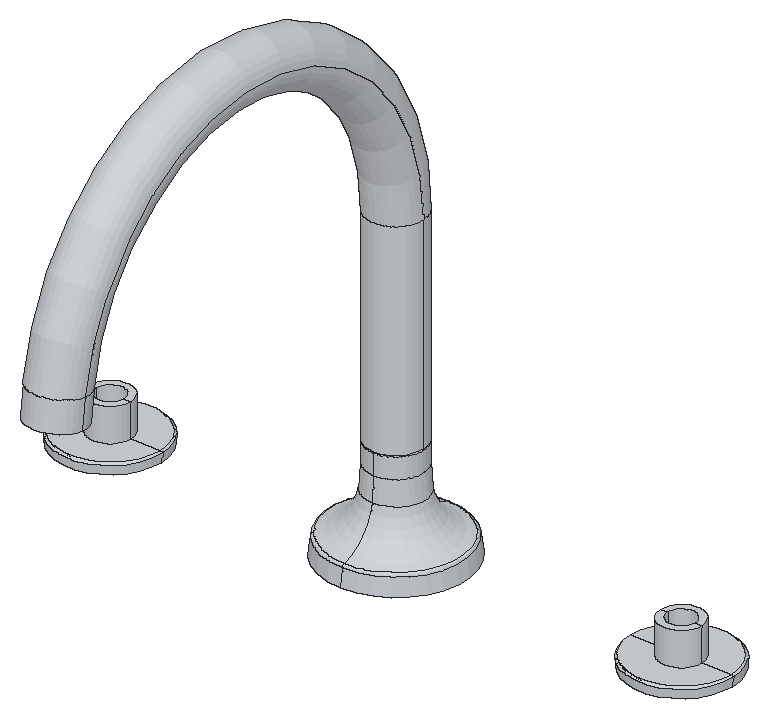
Revit family "Lixil-Grohe-Listra-3_hole_DM_Tub_Filler-106261_0 new", category Plumbing Fixtures, host Face, Revit 2023
Family settings
  Host = Face
  Round Connector Dimension = Use Diameter
  Part Type = Normal
  OmniClass Number = 23.45.55.17
  OmniClass Title = Mixing Faucets
  Enable Cutting in Views = Yes
  Cut with Voids When Loaded = No
  Maintain Annotation Orientation = No
  Shared = No
  Room Calculation Point = No
Parameters (values of type "Listra 3-hole DM Tub Filler")
  Handle Distance [instance] = 11 7/8"
  Depth = 10 13/16"  # constant formula
  Width = 14 3/64"  # constant formula
  Waste Connection = 1 = 0  # no
  Warranty URL = "https://www.grohe.us/support/warranty"
  Version = "2023 - v1.0a"  # constant formula
  Vent Connection = 1 = 0  # no
  URL = "https://www.grohe.us"
  Support Phone = "224-699-9545"  # constant formula
  Support Email = "mailto:support@bimsmith.com"
  Product Page URL = "https://www.grohe.us"
  Product Name = "Listra 3-hole DM Tub Filler"  # constant formula
  Product Documentation Link = "https://www.grohe.us"
  Model = "106261_0"
  Manufacturer Phone Number = "630-872-5570"  # constant formula
  Manufacturer Email = "https://www.grohe.us"
  Manufacturer Address = "https://www.grohe.us"
  Manufacturer = "LIXIL"  # constant formula
  Keynote = "22 40 00"
  Height = 11 7/16"  # constant formula
  HW Connection = 1 = 1  # yes
  Finish = Metal - Grohe - Chrome
  Description = "3-hole DM Tub Filler"  # constant formula
  Default Elevation = 0"  # constant formula
  Copyright = "©LIXIL® | All Rights Reserved"  # constant formula
  Collection = "Listra"  # constant formula
  CW Connection = 1 = 1  # yes
  Brand = "Grohe"  # constant formula
  Assembly Code = "D2010400"
Reference planes (in)
  plane 1 "Center (Front/Back)": y = 0
  plane 2: z = 0
  plane 3 "Center (Left/Right)": x = 0
  plane 4: x = -5.9375
  plane 5: x = 5.9375
Dimensions and locks (in)
  "Handle Distance": plane 5 to plane 4
  equal spacing: plane 5, plane 3 "Center (Left/Right)", plane 4
  aligned and locked: plane 2 to host face
  aligned and locked: level to host face
  aligned and locked: plane 3 "Center (Left/Right)" to nested 1
  aligned and locked: plane 1 "Center (Front/Back)" to nested 1
  aligned and locked: plane 1 "Center (Front/Back)" to nested 2
  aligned and locked: nested 2 to plane 5
  aligned and locked: plane 4 to nested 3
  aligned and locked: plane 1 "Center (Front/Back)" to nested 3
Automatic sketch dimensions
  host sketch curve to host sketch curve = 96"
  host sketch curve to host sketch curve = 50.78981"
Nested families (in)
  nested 1: "Faucet-106261_0" at (0, 0, 0), type "Faucet-106261_0"
    with Handle Distance 11 7/8", Drain yes
  nested 2: "Handle-106261_0" at (5.9375, 0, 0), type "Handle-106261_0"
    with Handle Distance 11 7/8", Drain yes
  nested 3: "Handle-106261_0" at (-5.9375, 0, 0), type "Handle-106261_0"
    with Handle Distance 11 7/8", Drain yes
Connectors (in)
  piping at (0, 0, 0), diameter 0.125
    settings: index 1, connector inside diameter 24", connector length 0", flow factor 0, pipe flow 0 GPM, pressure drop 0.00 psi, fitting loss kfactor 0, connector angle 0.00°, fixture units 0, engagement length 0", angle of deflection 0.00°, flow configuration 0, flow direction 0, fitting loss method 0, system type 7, joint type 0, gender type 0, connector reference index -1, connector utility 0, adjustable connector no, is connector primary yes, connector description ""
Definition of nested family "Faucet-106261_0"
  Parameters (values of type "Listra 3-hole DM Tub Filler")
    Handle Distance [instance] = 11 7/8"
    Depth = 10 13/16"  # constant formula
    Width = 14 3/64"  # constant formula
    Waste Connection = 1 = 0  # no
    Warranty URL = "https://www.grohe.us/support/warranty"
    Version = "2023 - v1.0a"  # constant formula
    Vent Connection = 1 = 0  # no
    URL = "https://www.grohe.us"
    Support Phone = "224-699-9545"  # constant formula
    Support Email = "mailto:support@bimsmith.com"
    Product Page URL = "https://www.grohe.us"
    Product Name = "Listra 3-hole DM Tub Filler"  # constant formula
    Product Documentation Link = "https://www.grohe.us"
    Model = "106261_0"
    Manufacturer Phone Number = "630-872-5570"  # constant formula
    Manufacturer Email = "https://www.grohe.us"
    Manufacturer Address = "https://www.grohe.us"
    Manufacturer = "LIXIL"  # constant formula
    Keynote = "22 40 00"
    Height = 11 7/16"  # constant formula
    HW Connection = 1 = 1  # yes
    Finish = none
    Drain [instance] = yes
    Description = "3-hole DM Tub Filler"  # constant formula
    Default Elevation = 0"  # constant formula
    Copyright = "©LIXIL® | All Rights Reserved"  # constant formula
    Collection = "Listra"  # constant formula
    CW Connection = 1 = 1  # yes
    Brand = "Grohe"  # constant formula
    Assembly Code = "D2010400"
  Reference planes (in)
    plane 1 "Center (Front/Back)": y = 0
    plane 2: z = 0
    plane 3 "Center (Left/Right)": x = 0
  Forms (in)
    Extrusion 1, solid
      sketch origin (0, 0, 0) x (1, 0, 0) y (0, 1, 0)
        loop
          line (-48, 48) -> (-48, -2.78981) -> (48, -2.78981) -> (48, 48) -> (-48, 48)
      from 0 to -12
    Revolve 2, solid, material <- "Finish"
      sketch origin (0, -180, 7.68218) x (0, 0, 1) y (0, -1, 0)
        loop
          line (-7.68218, -180) -> (-5.51775, -180) -> (-5.51775, -179.45722)
          arc (-5.51775, -179.45722) -> (-5.5259, -179.43754) -> (-5.54558, -179.42939) r 0.02783
          line (-5.54558, -179.42939) -> (-5.96832, -179.42939)
          arc (-5.96832, -179.42939) -> (-6.21355, -179.42017) -> (-6.45739, -179.39256) r 3.26558
          arc (-6.45739, -179.39256) -> (-6.97401, -179.14945) -> (-7.27339, -178.66326) r 1
          arc (-7.27339, -178.66326) -> (-7.29397, -178.63036) -> (-7.32943, -178.61458) r 0.06641
          line (-7.32943, -178.61458) -> (-7.68218, -178.57127) -> (-7.68218, -180)
        axis (-5.51775, -180) -> (-7.68218, -180)
      angle from 0 to 360
    Sweep 3, solid, material <- "Finish"
      path origin (0, -180, 7.68218) x (0, 0, 1) y (0, -1, 0)
        loop
          line (-5.51709, -180.57062) -> (-1.25956, -180.57062)
          arc (-1.25956, -180.57062) -> (3.70253, -175.91643) -> (-0.62471, -170.66677) r 4.97228
      profile origin (0, 0.57062, 4.29386) x (0, -1, 0) y (1, 0, 0)
        loop
          circle (0.57062, 0) r 0.57179
    Extrusion 4, solid, material <- "Finish"
      sketch origin (0, -9.33323, 7.05747) x (1, 0, 0) y (0, -0.991816, 0.127678)
        loop
          circle (0, -0.57062) r 0.57179
        loop
          circle (0, -0.57062) r 0.32179
      from 0 to 0.60611
  Dimensions and locks (in)
    aligned and locked: plane 2 to Extrusion 1
    aligned and locked: level to Extrusion 1
Definition of nested family "Handle-106261_0"
  Parameters (values of type "Listra 3-hole DM Tub Filler")
    Handle Distance [instance] = 11 7/8"
    Depth = 10 13/16"  # constant formula
    Width = 14 3/64"  # constant formula
    Waste Connection = 1 = 0  # no
    Warranty URL = "https://www.grohe.us/support/warranty"
    Version = "2023 - v1.0a"  # constant formula
    Vent Connection = 1 = 0  # no
    URL = "https://www.grohe.us"
    Support Phone = "224-699-9545"  # constant formula
    Support Email = "mailto:support@bimsmith.com"
    Product Page URL = "https://www.grohe.us"
    Product Name = "Listra 3-hole DM Tub Filler"  # constant formula
    Product Documentation Link = "https://www.grohe.us"
    Model = "106261_0"
    Manufacturer Phone Number = "630-872-5570"  # constant formula
    Manufacturer Email = "https://www.grohe.us"
    Manufacturer Address = "https://www.grohe.us"
    Manufacturer = "LIXIL"  # constant formula
    Keynote = "22 40 00"
    Height = 11 7/16"  # constant formula
    HW Connection = 1 = 1  # yes
    Finish = none
    Drain [instance] = yes
    Description = "3-hole DM Tub Filler"  # constant formula
    Default Elevation = 0"  # constant formula
    Copyright = "©LIXIL® | All Rights Reserved"  # constant formula
    Collection = "Listra"  # constant formula
    CW Connection = 1 = 1  # yes
    Brand = "Grohe"  # constant formula
    Assembly Code = "D2010400"
  Reference planes (in)
    plane 1 "Center (Front/Back)": y = 0
    plane 2: z = 0
    plane 3 "Center (Left/Right)": x = 0
  Forms (in)
    Extrusion 1, solid
      sketch origin (0, 0, 0) x (1, 0, 0) y (0, 1, 0)
        loop
          line (-48, 48) -> (-48, -2.78981) -> (48, -2.78981) -> (48, 48) -> (-48, 48)
      from 0 to -12
    Revolve 2, solid, material <- "Finish"
      sketch origin (5.903, 0, 0) x (1, 0, 0) y (0, 0, 1)
        loop
          line (-6.19152, 0) -> (-6.19152, 0.90906) -> (-6.33424, 0.90906) -> (-6.33424, 0.21644) -> (-6.94901, 0.21644) -> (-6.98818, 0.17727) -> (-6.97267, 0) -> (-6.19152, 0)
        axis (-5.903, 0.90906) -> (-5.903, 0)
      angle from 0 to 360
  Dimensions and locks (in)
    aligned and locked: plane 2 to Extrusion 1
    aligned and locked: level to Extrusion 1
